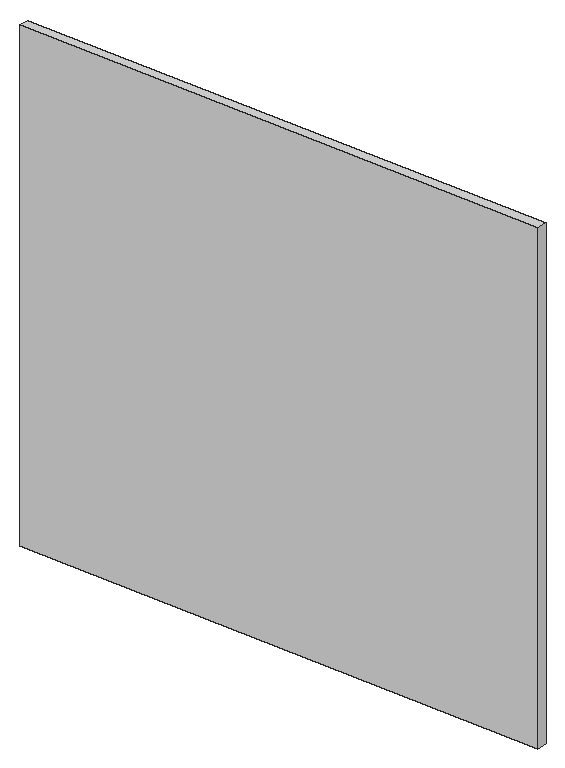
Revit family
Parameters
  Keynote = "N10/270"
  Assembly Code = "C1030200"
  Height = 900 mm
  Mounting Height = 1200 mm
  Width = 1000 mm
Reference planes
  plane 1: y = 0
  plane 2 "Center": x = 24.47
  plane 3: y = 76.2
Forms (mm)
  Extrusion 1, solid, material "Mirror"
    sketch origin (-1524, 76.2, 0) x (-1, 0, 0) y (0, 0, 1)
      loop
        line (-2048.47, 1200) -> (-1048.47, 1200) -> (-1048.47, 2100) -> (-2048.47, 2100) -> (-2048.47, 1200)
    from 0 to 19.05
Lines and regions (mm)
  Masking region 1
    outline origin (0, 0, 0) x (1, 0, 0) y (0, 1, 0)
      loop
        line (524.47, 95.25) -> (-475.53, 95.25) -> (-475.53, 76.2) -> (524.47, 76.2) -> (524.47, 95.25)
  symbolic lines
    curve 1: line (-475.53, 76.2, 0) -> (524.47, 76.2, 0)
    curve 2: line (-475.53, 88.9, 0) -> (-475.53, 76.2, 0)
    curve 3: line (524.47, 88.9, 0) -> (-475.53, 88.9, 0)
    curve 4: line (524.47, 76.2, 0) -> (524.47, 88.9, 0)
Text (mm)
  text "Interior" at (0, 537.696, 1678.147), in view "Right"
  text "Interior" at (-137.394, 870.637, 0), in view "Ref. Level"
  text "Interior" at (0, 668.541, 964.506), in view "Left"
Dimensions and locks
  equal spacing: Extrusion 1 sketch curve, plane 2 "Center", Extrusion 1 sketch curve
  "Width": Extrusion 1 sketch curve to Extrusion 1 sketch curve
  "Height": Extrusion 1 sketch curve to Extrusion 1 sketch curve
  "Mounting Height": host wall to Extrusion 1 sketch curve
  aligned and locked: plane 3 to host wall
  aligned and locked: Extrusion 1 to curve 1  (x2)
  aligned: Masking region 1 sketch curve to Extrusion 1  (x4)
Automatic sketch dimensions
  curve 2 to plane 3 = 0 mm
  curve 3 to plane 3 = 12.7 mm
  Masking region 1 sketch curve to host wall = 0 mm
  host wall to Masking region 1 sketch curve = 19.05 mm
  Masking region 1 sketch curve to plane 2 "Center" = 500 mm
  plane 2 "Center" to Masking region 1 sketch curve = 500 mm
